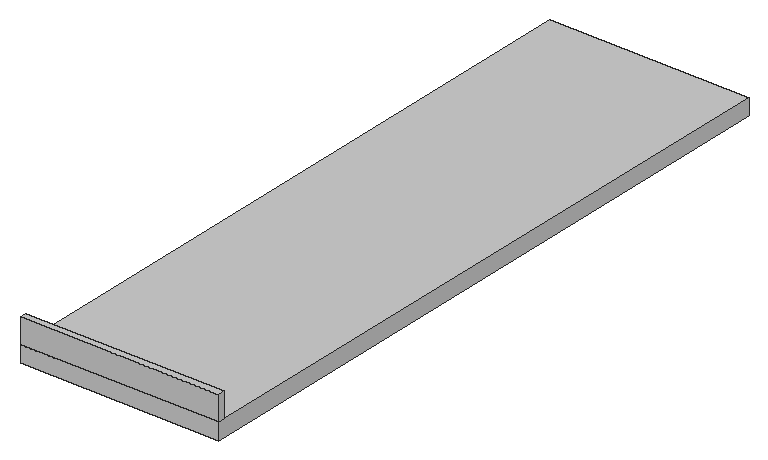
Revit family "Bancada_Lab_Pon_Seca", category Plumbing Fixtures, host Wall, Revit 2025
Family settings
  Host = Wall
  Round Connector Dimension = Use Diameter
  Part Type = Normal
  Enable Cutting in Views = No
  Always vertical = Yes
  Cut with Voids When Loaded = No
  Maintain Annotation Orientation = No
  Shared = No
  Room Calculation Point = Yes
Parameters (values of type "BAN_060x090_PON_SEC_LAB")
  Material_Bancada [instance] = CT_Bancadas_Labs
  Description = "Descrição do tipo"
  Default Elevation = 0.000 m
  Bancada_Profundidade = 0.600 m
  Bancada_Frente [instance] = 2.000 m
  Bancada_Altura = 0.900 m
Reference planes (m)
  plane 1: y = 0
  plane 2 "Back": y = 0.075
  plane 3: z = 0.9
  plane 4: x = -1.082628
  plane 5: x = -0.482628
  plane 6: y = 2.075
  plane 7: z = 0.85
  plane 8: z = 0.975
  plane 9: x = -0.782628
Forms (m)
  Extrusion 1, solid, material "CT_Bancadas_Labs" <- "Material_Bancada"
    sketch origin (0, 0, 0) x (1, 0, 0) y (0, 1, 0)
      loop
        line (-1.082628, 2.075) -> (-1.082628, 0.075) -> (-0.482628, 0.075) -> (-0.482628, 2.075) -> (-1.082628, 2.075)
    from 0.85 to 0.9
  Extrusion 2, solid, material "CT_Bancadas_Labs" <- "Material_Bancada"
    sketch origin (0, 0, 0) x (1, 0, 0) y (0, 1, 0)
      loop
        line (-1.082628, 0.075) -> (-0.482628, 0.075) -> (-0.482628, 0.095) -> (-1.082628, 0.095) -> (-1.082628, 0.075)
    from 0.9 to 0.975
Text (m)
  text "Frente" at (-1.787139, 0.59235, 0), in view "Ref. Level"
  text "Placement side" at (0, 1.827695, 2.917686), in view "Left"
  text "Placement side" at (0, 0.562268, 3.853606), in view "Right"
Dimensions and locks (m)
  locked: plane 2 "Back" to host wall
  "Bancada_Altura": level to plane 3
  "Bancada_Profundidade": plane 4 to plane 5
  plane 7 to plane 3 = 0.050 m
  "Bancada_Frente": plane 6 to plane 2 "Back"
  locked: plane 3 to plane 8 at 0.075
  locked: host wall to Extrusion 2 sketch curve at 0.02
  equal spacing: plane 4, plane 9, plane 5
  aligned and locked: plane 1 to host wall
  aligned and locked: Extrusion 1 sketch curve to plane 6
  aligned and locked: plane 4 to Extrusion 1 sketch curve
  aligned and locked: Extrusion 1 sketch curve to plane 2 "Back"
  aligned and locked: Extrusion 1 sketch curve to plane 5
  aligned and locked: plane 3 to Extrusion 1
  aligned and locked: Extrusion 1 to plane 7
  aligned and locked: plane 2 "Back" to Extrusion 2 sketch curve
  aligned and locked: plane 5 to Extrusion 2 sketch curve
  aligned and locked: Extrusion 2 sketch curve to plane 4
  aligned and locked: plane 8 to Extrusion 2
  aligned and locked: Extrusion 2 to plane 3
